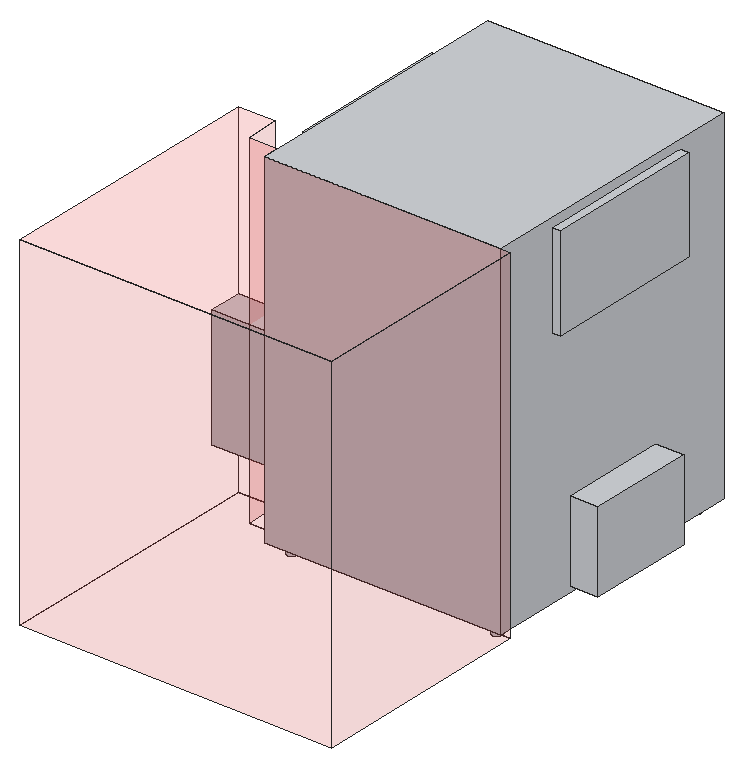
Revit family
Parameters (values of type "230 V Single Phase")
  Weight Scheduled [instance] = 399  # constant formula
  Voltage Workaround = Voltage / 1 V  # 230
  Voltage Scheduled = Voltage  # 230 V
  Voltage = 230 V
  VoltAmps Workaround [instance] = Voltage Workaround * Total FLA * sqrt(Phase)  # 0
  VoltAmps [instance] = VoltAmps Workaround * 1 VA  # 0 VA
  VFD [instance] = no
  URL = "http://www.renewaire.com/_assets/files/SubmittalForms/HE2XINVSubmittal.pdf"
  Total FLA [instance] = if(or(Supply Motor FLA = 0, Exhaust Motor FLA = 0), 0, (Supply Motor FLA * Supply Motor Count) + (Exhaust Motor FLA * Exhaust Motor Count))  # 0
  Supply Motor RPM Scheduled [instance] = Supply Motor RPM  # 0
  Supply Motor RPM [instance] = if(and(or(Supply ESP = 0, Supply ESP > 0), Supply ESP < 0.25), if(Supply Motor HP = 1.5, if(Supply CFM > 1975 CFM, 0, if(Supply CFM > 1735 CFM, 1302, 1146)), 0), if(and(or(Supply ESP = 0.25, Supply ESP > 0.25), Supply ESP < 0.5), if(Supply Motor HP = 1.5, if(Supply CFM > 1925 CFM, 0, if(Supply CFM > 1670 CFM, 1302, 1146)), 0), if(and(or(Supply ESP = 0.5, Supply ESP > 0.5), Supply ESP < 0.75), if(Supply Motor HP = 1.5, if(Supply CFM > 2100 CFM, 0, if(Supply CFM > 1835 CFM, 1458, if(Supply CFM > 1520 CFM, 1302, 1146))), if(Supply Motor HP = 2, if(Supply CFM > 2175 CFM, 0, 1503), 0)), if(and(or(Supply ESP = 0.75, Supply ESP > 0.75), Supply ESP < 1), if(Supply Motor HP = 1.5, if(Supply CFM > 1970 CFM, 0, if(Supply CFM > 1615 CFM, 1458, if(Supply CFM > 1205 CFM, 1302, 1146))), if(Supply Motor HP = 2, if(Supply CFM > 2100 CFM, 0, 1503), 0)), if(and(or(Supply ESP = 1, Supply ESP > 1), Supply ESP < 1.25), if(Supply Motor HP = 1.5, if(Supply CFM > 1755 CFM, 0, if(Supply CFM > 1340 CFM, 1458, if(Supply CFM > 900 CFM, 1302, 1146))), if(Supply Motor HP = 2, if(Supply CFM > 2120 CFM, 0, if(Supply CFM > 1945 CFM, 1581, 1503)), 0)), if(and(or(Supply ESP = 1.25, Supply ESP > 1.25), Supply ESP < 1.5), if(Supply Motor HP = 1.5, if(Supply CFM > 1495 CFM, 0, if(Supply CFM > 1080 CFM, 1458, 1302)), if(Supply Motor HP = 2, if(Supply CFM > 2125 CFM, 0, if(Supply CFM > 1920 CFM, 1658, if(Supply CFM > 1700 CFM, 1581, 1503))), 0)), if(Supply ESP = 1.5, if(Supply Motor HP = 1.5, if(Supply CFM > 1280 CFM, 0, if(Supply CFM > 670 CFM, 1458, 1302)), if(Supply Motor HP = 2, if(Supply CFM > 1900 CFM, 0, if(Supply CFM > 1685 CFM, 1658, if(Supply CFM > 1465 CFM, 1581, 1503))), 0)), 0)))))))  # 0
  Supply Motor HP Scheduled [instance] = Supply Motor HP  # 0
  Supply Motor HP [instance] = 0
  Supply Motor FLA [instance] = if(VFD, if(Supply Motor BHP = 0, 0, if(Supply Motor HP = 1.5, if(and(or(Voltage = 208 V, Voltage = 230 V), Phase = 1), 4.8, if(and(or(Voltage = 208 V, Voltage = 230 V), Phase = 3), 4.8, if(and(Voltage = 460 V, Phase = 3), 2.4, if(and(Voltage = 575 V, Phase = 3), 1.8, 0)))), if(Supply Motor HP = 2, if(and(or(Voltage = 208 V, Voltage = 230 V), Phase = 1), 6.1, if(and(or(Voltage = 208 V, Voltage = 230 V), Phase = 3), 6.1, if(and(Voltage = 460 V, Phase = 3), 2.9, if(and(Voltage = 575 V, Phase = 3), 2.4, 0)))), 0))), if(Supply Motor BHP = 0, 0, if(Supply Motor HP = 1.5, if(and(Voltage = 115 V, Phase = 1), 15.2, if(and(or(Voltage = 208 V, Voltage = 230 V), Phase = 1), 8.2, if(and(or(Voltage = 208 V, Voltage = 230 V), Phase = 3), 4.6, if(and(Voltage = 460 V, Phase = 3), 2.4, if(and(Voltage = 575 V, Phase = 3), 1.8, 0))))), if(Supply Motor HP = 2, if(and(Voltage = 115 V, Phase = 1), 20, if(and(or(Voltage = 208 V, Voltage = 230 V), Phase = 1), 10.8, if(and(or(Voltage = 208 V, Voltage = 230 V), Phase = 3), 6.1, if(and(Voltage = 460 V, Phase = 3), 2.9, if(and(Voltage = 575 V, Phase = 3), 2.4, 0))))), 0))))  # 0
  Supply Motor Count Scheduled [instance] = Supply Motor Count  # 1
  Supply Motor Count [instance] = if(Supply Motor HP = 0.75, 2, 1)  # 1
  Supply Motor BHP [instance] = if(and(or(Supply ESP = 0, Supply ESP > 0), Supply ESP < 0.25), if(Supply Motor HP = 1.5, if(Supply CFM > 1975 CFM, 0, if(Supply CFM > 1735 CFM, 1.1, 0.8)), 0), if(and(or(Supply ESP = 0.25, Supply ESP > 0.25), Supply ESP < 0.5), if(Supply Motor HP = 1.5, if(Supply CFM > 1925 CFM, 0, if(Supply CFM > 1670 CFM, 1, 0.7)), 0), if(and(or(Supply ESP = 0.5, Supply ESP > 0.5), Supply ESP < 0.75), if(Supply Motor HP = 1.5, if(Supply CFM > 2100 CFM, 0, if(Supply CFM > 1835 CFM, 1.5, if(Supply CFM > 1520 CFM, 1, 0.7))), if(Supply Motor HP = 2, if(Supply CFM > 2175 CFM, 0, 1.7), 0)), if(and(or(Supply ESP = 0.75, Supply ESP > 0.75), Supply ESP < 1), if(Supply Motor HP = 1.5, if(Supply CFM > 1970 CFM, 0, if(Supply CFM > 1615 CFM, 1.4, if(Supply CFM > 1205 CFM, 0.9, 0.5))), if(Supply Motor HP = 2, if(Supply CFM > 2100 CFM, 0, 1.6), 0)), if(and(or(Supply ESP = 1, Supply ESP > 1), Supply ESP < 1.25), if(Supply Motor HP = 1.5, if(Supply CFM > 1755 CFM, 0, if(Supply CFM > 1340 CFM, 1.3, if(Supply CFM > 900 CFM, 0.8, 0.4))), if(Supply Motor HP = 2, if(Supply CFM > 2120 CFM, 0, if(Supply CFM > 1945 CFM, 1.7, 1.4)), 0)), if(and(or(Supply ESP = 1.25, Supply ESP > 1.25), Supply ESP < 1.5), if(Supply Motor HP = 1.5, if(Supply CFM > 1495 CFM, 0, if(Supply CFM > 1080 CFM, 1.1, 0.6)), if(Supply Motor HP = 2, if(Supply CFM > 2125 CFM, 0, if(Supply CFM > 1920 CFM, 1.9, if(Supply CFM > 1700 CFM, 1.5, 1.2))), 0)), if(Supply ESP = 1.5, if(Supply Motor HP = 1.5, if(Supply CFM > 1280 CFM, 0, if(Supply CFM > 670 CFM, 0.9, 0.4)), if(Supply Motor HP = 2, if(Supply CFM > 1900 CFM, 0, if(Supply CFM > 1685 CFM, 1.6, if(Supply CFM > 1465 CFM, 1.2, 1))), 0)), 0)))))))  # 0
  Supply ESP Scheduled [instance] = Supply ESP  # 0
  Supply ESP [instance] = 0
  Supply CFM Scheduled [instance] = Supply CFM  # 0 CFM
  Supply CFM [instance] = 0 CFM
  Supply Air Winter RH Scheduled [instance] = 0
  Supply Air Winter DB Scheduled [instance] = 0
  Supply Air Summer RH Scheduled [instance] = 0
  Supply Air Summer DB Scheduled [instance] = 0
  Phase Scheduled = Phase  # 1
  Phase = 1
  Outside Air Winter RH Scheduled [instance] = 0
  Outside Air Winter DB Scheduled [instance] = 0
  Outside Air Summer RH Scheduled [instance] = 0
  Outside Air Summer DB Scheduled [instance] = 0
  Number of Poles = 2
  Model = "HE2XINV"
  Manufacturer = "RenewAire"
  MOCP Scheduled [instance] = MOCP  # 0
  MOCP [instance] = if(VFD, if(Total FLA = 0, 0, if(and(or(Voltage = 208 V, Voltage = 230 V), Phase = 1), if(and(Supply Motor HP = 1.5, Exhaust Motor HP = 1.5), 25, if(and(Supply Motor HP = 2, Exhaust Motor HP = 1.5), 20, if(and(Supply Motor HP = 1.5, Exhaust Motor HP = 2), 20, if(and(Supply Motor HP = 2, Exhaust Motor HP = 2), 30, 0)))), if(and(or(Voltage = 208 V, Voltage = 230 V), Phase = 3), if(and(Supply Motor HP = 1.5, Exhaust Motor HP = 1.5), 15, if(and(Supply Motor HP = 2, Exhaust Motor HP = 1.5), 15, if(and(Supply Motor HP = 1.5, Exhaust Motor HP = 2), 15, if(and(Supply Motor HP = 2, Exhaust Motor HP = 2), 15, 0)))), if(and(Voltage = 460 V, Phase = 3), if(and(Supply Motor HP = 1.5, Exhaust Motor HP = 1.5), 15, if(and(Supply Motor HP = 2, Exhaust Motor HP = 1.5), 15, if(and(Supply Motor HP = 1.5, Exhaust Motor HP = 2), 15, if(and(Supply Motor HP = 2, Exhaust Motor HP = 2), 15, 0)))), if(and(Voltage = 575 V, Phase = 3), if(and(Supply Motor HP = 1.5, Exhaust Motor HP = 1.5), 15, if(and(Supply Motor HP = 2, Exhaust Motor HP = 1.5), 15, if(and(Supply Motor HP = 1.5, Exhaust Motor HP = 2), 15, if(and(Supply Motor HP = 2, Exhaust Motor HP = 2), 15, 0)))), 0))))), if(Total FLA = 0, 0, if(and(Voltage = 115 V, Phase = 1), if(and(Supply Motor HP = 1.5, Exhaust Motor HP = 1.5), 45, if(and(Supply Motor HP = 2, Exhaust Motor HP = 1.5), 60, if(and(Supply Motor HP = 1.5, Exhaust Motor HP = 2), 60, if(and(Supply Motor HP = 2, Exhaust Motor HP = 2), 60, 0)))), if(and(or(Voltage = 208 V, Voltage = 230 V), Phase = 1), if(and(Supply Motor HP = 1.5, Exhaust Motor HP = 1.5), 25, if(and(Supply Motor HP = 2, Exhaust Motor HP = 1.5), 30, if(and(Supply Motor HP = 1.5, Exhaust Motor HP = 2), 30, if(and(Supply Motor HP = 2, Exhaust Motor HP = 2), 35, 0)))), if(and(or(Voltage = 208 V, Voltage = 230 V), Phase = 3), if(and(Supply Motor HP = 1.5, Exhaust Motor HP = 1.5), 15, if(and(Supply Motor HP = 2, Exhaust Motor HP = 1.5), 15, if(and(Supply Motor HP = 1.5, Exhaust Motor HP = 2), 15, if(and(Supply Motor HP = 2, Exhaust Motor HP = 2), 15, 0)))), if(and(Voltage = 460 V, Phase = 3), if(and(Supply Motor HP = 1.5, Exhaust Motor HP = 1.5), 15, if(and(Supply Motor HP = 2, Exhaust Motor HP = 1.5), 15, if(and(Supply Motor HP = 1.5, Exhaust Motor HP = 2), 15, if(and(Supply Motor HP = 2, Exhaust Motor HP = 2), 15, 0)))), if(and(Voltage = 575 V, Phase = 3), if(and(Supply Motor HP = 1.5, Exhaust Motor HP = 1.5), 15, if(and(Supply Motor HP = 2, Exhaust Motor HP = 1.5), 15, if(and(Supply Motor HP = 1.5, Exhaust Motor HP = 2), 15, if(and(Supply Motor HP = 2, Exhaust Motor HP = 2), 15, 0)))), 0)))))))  # 0
  MCA Scheduled [instance] = MCA  # 0
  MCA [instance] = if(VFD, if(Total FLA = 0, 0, if(and(or(Voltage = 208 V, Voltage = 230 V), Phase = 1), if(and(Supply Motor HP = 1.5, Exhaust Motor HP = 1.5), 20.6, if(and(Supply Motor HP = 2, Exhaust Motor HP = 1.5), 23.6, if(and(Supply Motor HP = 1.5, Exhaust Motor HP = 2), 23.6, if(and(Supply Motor HP = 2, Exhaust Motor HP = 2), 26, 0)))), if(and(or(Voltage = 208 V, Voltage = 230 V), Phase = 3), if(and(Supply Motor HP = 1.5, Exhaust Motor HP = 1.5), 11.9, if(and(Supply Motor HP = 2, Exhaust Motor HP = 1.5), 13.6, if(and(Supply Motor HP = 1.5, Exhaust Motor HP = 2), 13.6, if(and(Supply Motor HP = 2, Exhaust Motor HP = 2), 15, 0)))), if(and(Voltage = 460 V, Phase = 3), if(and(Supply Motor HP = 1.5, Exhaust Motor HP = 1.5), 5.9, if(and(Supply Motor HP = 2, Exhaust Motor HP = 1.5), 6.6, if(and(Supply Motor HP = 1.5, Exhaust Motor HP = 2), 6.6, if(and(Supply Motor HP = 2, Exhaust Motor HP = 2), 7.2, 0)))), if(and(Voltage = 575 V, Phase = 3), if(and(Supply Motor HP = 1.5, Exhaust Motor HP = 1.5), 4.5, if(and(Supply Motor HP = 2, Exhaust Motor HP = 1.5), 5.3, if(and(Supply Motor HP = 1.5, Exhaust Motor HP = 2), 5.3, if(and(Supply Motor HP = 2, Exhaust Motor HP = 2), 5.9, 0)))), 0))))), if(Total FLA = 0, 0, if(and(Voltage = 115 V, Phase = 1), if(and(Supply Motor HP = 1.5, Exhaust Motor HP = 1.5), 34.2, if(and(Supply Motor HP = 2, Exhaust Motor HP = 1.5), 40.2, if(and(Supply Motor HP = 1.5, Exhaust Motor HP = 2), 40.2, if(and(Supply Motor HP = 2, Exhaust Motor HP = 2), 45, 0)))), if(and(or(Voltage = 208 V, Voltage = 230 V), Phase = 1), if(and(Supply Motor HP = 1.5, Exhaust Motor HP = 1.5), 18.5, if(and(Supply Motor HP = 2, Exhaust Motor HP = 1.5), 21.7, if(and(Supply Motor HP = 1.5, Exhaust Motor HP = 2), 21.7, if(and(Supply Motor HP = 2, Exhaust Motor HP = 2), 24.3, 0)))), if(and(or(Voltage = 208 V, Voltage = 230 V), Phase = 3), if(and(Supply Motor HP = 1.5, Exhaust Motor HP = 1.5), 11.9, if(and(Supply Motor HP = 2, Exhaust Motor HP = 1.5), 13.6, if(and(Supply Motor HP = 1.5, Exhaust Motor HP = 2), 13.6, if(and(Supply Motor HP = 2, Exhaust Motor HP = 2), 13.6, 0)))), if(and(Voltage = 460 V, Phase = 3), if(and(Supply Motor HP = 1.5, Exhaust Motor HP = 1.5), 5.4, if(and(Supply Motor HP = 2, Exhaust Motor HP = 1.5), 6, if(and(Supply Motor HP = 1.5, Exhaust Motor HP = 2), 6, if(and(Supply Motor HP = 2, Exhaust Motor HP = 2), 6.5, 0)))), if(and(Voltage = 575 V, Phase = 3), if(and(Supply Motor HP = 1.5, Exhaust Motor HP = 1.5), 4.1, if(and(Supply Motor HP = 2, Exhaust Motor HP = 1.5), 4.8, if(and(Supply Motor HP = 1.5, Exhaust Motor HP = 2), 4.8, if(and(Supply Motor HP = 2, Exhaust Motor HP = 2), 5.4, 0)))), 0)))))))  # 0
  FLA Scheduled [instance] = Total FLA  # 0
  Exhaust RH Scheduled [instance] = 0
  Exhaust Motor RPM Scheduled [instance] = Exhaust Motor RPM  # 0
  Exhaust Motor RPM [instance] = if(and(or(Exhaust ESP = 0, Exhaust ESP > 0), Exhaust ESP < 0.25), if(Exhaust Motor HP = 1.5, if(Exhaust CFM > 1975 CFM, 0, if(Exhaust CFM > 1735 CFM, 1302, 1146)), 0), if(and(or(Exhaust ESP = 0.25, Exhaust ESP > 0.25), Exhaust ESP < 0.5), if(Exhaust Motor HP = 1.5, if(Exhaust CFM > 1925 CFM, 0, if(Exhaust CFM > 1670 CFM, 1302, 1146)), 0), if(and(or(Exhaust ESP = 0.5, Exhaust ESP > 0.5), Exhaust ESP < 0.75), if(Exhaust Motor HP = 1.5, if(Exhaust CFM > 2100 CFM, 0, if(Exhaust CFM > 1835 CFM, 1458, if(Exhaust CFM > 1520 CFM, 1302, 1146))), if(Exhaust Motor HP = 2, if(Exhaust CFM > 2175 CFM, 0, 1503), 0)), if(and(or(Exhaust ESP = 0.75, Exhaust ESP > 0.75), Exhaust ESP < 1), if(Exhaust Motor HP = 1.5, if(Exhaust CFM > 1970 CFM, 0, if(Exhaust CFM > 1615 CFM, 1458, if(Exhaust CFM > 1205 CFM, 1302, 1146))), if(Exhaust Motor HP = 2, if(Exhaust CFM > 2100 CFM, 0, 1503), 0)), if(and(or(Exhaust ESP = 1, Exhaust ESP > 1), Exhaust ESP < 1.25), if(Exhaust Motor HP = 1.5, if(Exhaust CFM > 1755 CFM, 0, if(Exhaust CFM > 1340 CFM, 1458, if(Exhaust CFM > 900 CFM, 1302, 1146))), if(Exhaust Motor HP = 2, if(Exhaust CFM > 2120 CFM, 0, if(Exhaust CFM > 1945 CFM, 1581, 1503)), 0)), if(and(or(Exhaust ESP = 1.25, Exhaust ESP > 1.25), Exhaust ESP < 1.5), if(Exhaust Motor HP = 1.5, if(Exhaust CFM > 1495 CFM, 0, if(Exhaust CFM > 1080 CFM, 1458, 1302)), if(Exhaust Motor HP = 2, if(Exhaust CFM > 2125 CFM, 0, if(Exhaust CFM > 1920 CFM, 1658, if(Exhaust CFM > 1700 CFM, 1581, 1503))), 0)), if(Exhaust ESP = 1.5, if(Exhaust Motor HP = 1.5, if(Exhaust CFM > 1280 CFM, 0, if(Exhaust CFM > 670 CFM, 1458, 1302)), if(Exhaust Motor HP = 2, if(Exhaust CFM > 1900 CFM, 0, if(Exhaust CFM > 1685 CFM, 1658, if(Exhaust CFM > 1465 CFM, 1581, 1503))), 0)), 0)))))))  # 0
  Exhaust Motor HP Scheduled [instance] = Exhaust Motor HP  # 0
  Exhaust Motor HP [instance] = 0
  Exhaust Motor FLA [instance] = if(VFD, if(Exhaust Motor BHP = 0, 0, if(Exhaust Motor HP = 1.5, if(and(or(Voltage = 208 V, Voltage = 230 V), Phase = 1), 4.8, if(and(or(Voltage = 208 V, Voltage = 230 V), Phase = 3), 4.8, if(and(Voltage = 460 V, Phase = 3), 2.4, if(and(Voltage = 575 V, Phase = 3), 1.8, 0)))), if(Exhaust Motor HP = 2, if(and(or(Voltage = 208 V, Voltage = 230 V), Phase = 1), 6.1, if(and(or(Voltage = 208 V, Voltage = 230 V), Phase = 3), 6.1, if(and(Voltage = 460 V, Phase = 3), 2.9, if(and(Voltage = 575 V, Phase = 3), 2.4, 0)))), 0))), if(Exhaust Motor BHP = 0, 0, if(Exhaust Motor HP = 1.5, if(and(Voltage = 115 V, Phase = 1), 15.2, if(and(or(Voltage = 208 V, Voltage = 230 V), Phase = 1), 8.2, if(and(or(Voltage = 208 V, Voltage = 230 V), Phase = 3), 4.6, if(and(Voltage = 460 V, Phase = 3), 2.4, if(and(Voltage = 575 V, Phase = 3), 1.8, 0))))), if(Exhaust Motor HP = 2, if(and(Voltage = 115 V, Phase = 1), 20, if(and(or(Voltage = 208 V, Voltage = 230 V), Phase = 1), 10.8, if(and(or(Voltage = 208 V, Voltage = 230 V), Phase = 3), 6.1, if(and(Voltage = 460 V, Phase = 3), 2.9, if(and(Voltage = 575 V, Phase = 3), 2.4, 0))))), 0))))  # 0
  Exhaust Motor Count Scheduled [instance] = Exhaust Motor Count  # 1
  Exhaust Motor Count [instance] = if(Exhaust Motor HP = 0.75, 2, 1)  # 1
  Exhaust Motor BHP [instance] = if(and(or(Exhaust ESP = 0, Exhaust ESP > 0), Exhaust ESP < 0.25), if(Exhaust Motor HP = 1.5, if(Exhaust CFM > 1975 CFM, 0, if(Exhaust CFM > 1735 CFM, 1.1, 0.8)), 0), if(and(or(Exhaust ESP = 0.25, Exhaust ESP > 0.25), Exhaust ESP < 0.5), if(Exhaust Motor HP = 1.5, if(Exhaust CFM > 1925 CFM, 0, if(Exhaust CFM > 1670 CFM, 1, 0.7)), 0), if(and(or(Exhaust ESP = 0.5, Exhaust ESP > 0.5), Exhaust ESP < 0.75), if(Exhaust Motor HP = 1.5, if(Exhaust CFM > 2100 CFM, 0, if(Exhaust CFM > 1835 CFM, 1.5, if(Exhaust CFM > 1520 CFM, 1, 0.7))), if(Exhaust Motor HP = 2, if(Exhaust CFM > 2175 CFM, 0, 1.7), 0)), if(and(or(Exhaust ESP = 0.75, Exhaust ESP > 0.75), Exhaust ESP < 1), if(Exhaust Motor HP = 1.5, if(Exhaust CFM > 1970 CFM, 0, if(Exhaust CFM > 1615 CFM, 1.4, if(Exhaust CFM > 1205 CFM, 0.9, 0.5))), if(Exhaust Motor HP = 2, if(Exhaust CFM > 2100 CFM, 0, 1.6), 0)), if(and(or(Exhaust ESP = 1, Exhaust ESP > 1), Exhaust ESP < 1.25), if(Exhaust Motor HP = 1.5, if(Exhaust CFM > 1755 CFM, 0, if(Exhaust CFM > 1340 CFM, 1.3, if(Exhaust CFM > 900 CFM, 0.8, 0.4))), if(Exhaust Motor HP = 2, if(Exhaust CFM > 2120 CFM, 0, if(Exhaust CFM > 1945 CFM, 1.7, 1.4)), 0)), if(and(or(Exhaust ESP = 1.25, Exhaust ESP > 1.25), Exhaust ESP < 1.5), if(Exhaust Motor HP = 1.5, if(Exhaust CFM > 1495 CFM, 0, if(Exhaust CFM > 1080 CFM, 1.1, 0.6)), if(Exhaust Motor HP = 2, if(Exhaust CFM > 2125 CFM, 0, if(Exhaust CFM > 1920 CFM, 1.9, if(Exhaust CFM > 1700 CFM, 1.5, 1.2))), 0)), if(Exhaust ESP = 1.5, if(Exhaust Motor HP = 1.5, if(Exhaust CFM > 1280 CFM, 0, if(Exhaust CFM > 670 CFM, 0.9, 0.4)), if(Exhaust Motor HP = 2, if(Exhaust CFM > 1900 CFM, 0, if(Exhaust CFM > 1685 CFM, 1.6, if(Exhaust CFM > 1465 CFM, 1.2, 1))), 0)), 0)))))))  # 0
  Exhaust ESP Scheduled [instance] = Exhaust ESP  # 0
  Exhaust ESP [instance] = 0
  Exhaust DB Scheduled [instance] = 0
  Exhaust CFM Scheduled [instance] = Exhaust CFM  # 0 CFM
  Exhaust CFM [instance] = 0 CFM
  Enthalpy Effect Winter Scheduled [instance] = 0
  Enthalpy Effect Summer Scheduled [instance] = 0
Types (9): name | Voltage Workaround | Voltage Scheduled | Voltage | VFD | Phase Scheduled | Phase | Number of Poles
  (no name) | 230 | 230 V | 230 V | no | 1 | 1 | 2
  115 V Single Phase | 115 | 115 V | 115 V | yes | 1 | 1 | 1
  208 V Single Phase | 208 | 208 V | 208 V | yes | 1 | 1 | 2
  277 V Single Phase | 277 | 277 V | 277 V | yes | 1 | 1 | 1
  208 V Three Phase | 208 | 208 V | 208 V | yes | 3 | 3 | 3
  460 V Three Phase | 460 | 460 V | 460 V | yes | 3 | 3 | 3
  575 V Three Phase | 460 | 460 V | 460 V | yes | 3 | 3 | 3
  230 V Single Phase | 230 | 230 V | 230 V | no | 1 | 1 | 2
  230 V Three Phase | 230 | 230 V | 230 V | yes | 3 | 3 | 3
Reference planes (in)
  plane 1 "Center (Front/Back)": y = 0
  plane 2: z = 0
  plane 3 "Center (Left/Right)": x = 0
Forms (in)
  Extrusion 1, solid
    sketch origin (0, 0, 0) x (1, 0, 0) y (0, 1, 0)
      loop
        line (-17.625, 20.75) -> (-17.625, -20.75) -> (17.625, -20.75) -> (17.625, 20.75) -> (-17.625, 20.75)
    from 1.5 to 53.125
  Extrusion 2, solid
    sketch origin (0, 0, 0) x (1, 0, 0) y (0, 1, 0)
      loop
        circle (-15.2767, 18.5974) r 0.75
      loop
        circle (15.2767, 18.5974) r 0.75
      loop
        circle (-15.2767, -18.5974) r 0.75
      loop
        circle (15.2767, -18.5974) r 0.75
    from 0 to 52.125
  Extrusion 3, solid
    sketch origin (0, 0, 0) x (1, 0, 0) y (0, 1, 0)
      loop
        line (-27.5, -18.375) -> (-17.625, -18.375) -> (-17.625, -13.375) -> (-27.5, -13.375) -> (-27.5, -18.375)
    from 10.125 to 28.11364
  Extrusion 4, solid
    sketch origin (17.625, 14.11425, 0) x (0, -1, 0) y (0, 0, -1)
      loop
        line (25.48925, -51.875) -> (25.48925, -37.875) -> (1.48925, -37.875) -> (1.48925, -51.875) -> (25.48925, -51.875)
    from 0 to 1.375
  Extrusion 5, solid
    sketch origin (17.625, 14.11425, -23) x (0, -1, 0) y (0, 0, -1)
      loop
        line (22.11425, -37.5) -> (22.11425, -25.5) -> (6.11425, -25.5) -> (6.11425, -37.5) -> (22.11425, -37.5)
    from 0 to 4.25
  Extrusion 6, solid
    sketch origin (-17.625, 14.11425, 0) x (0, -1, 0) y (0, 0, 1)
      loop
        line (26.11425, 52.125) -> (2.11425, 52.125) -> (2.11425, 38.125) -> (26.11425, 38.125) -> (26.11425, 52.125)
    from 0 to 1.375
  Extrusion 7, solid
    sketch origin (-17.625, 14.11425, -23) x (0, -1, 0) y (0, 0, 1)
      loop
        line (22.11425, 37.5) -> (6.11425, 37.5) -> (6.11425, 25.5) -> (22.11425, 25.5) -> (22.11425, 37.5)
    from 0 to 4.25
  Extrusion 8, solid
    sketch origin (0, 0, 0) x (1, 0, 0) y (0, 1, 0)
      loop
        line (19, -20.75) -> (-17.625, -20.75) -> (-17.625, -18.375) -> (-21.875, -18.375) -> (-21.875, -13.375) -> (-27.5, -13.375) -> (-27.5, -54.125) -> (19, -54.125) -> (19, -20.75)
    from 1.5 to 53.125
Cuts and joins
  joined: Extrusion 1, Extrusion 2, Extrusion 3, Extrusion 4, Extrusion 5, Extrusion 6, Extrusion 7
Dimensions and locks (in)
  equal spacing: Extrusion 1 sketch curve, plane 3 "Center (Left/Right)", Extrusion 1 sketch curve
  equal spacing: Extrusion 1 sketch curve, plane 1 "Center (Front/Back)", Extrusion 1 sketch curve
  Extrusion 1 sketch curve to plane 3 "Center (Left/Right)" = 1' - 5 5/8"
  plane 1 "Center (Front/Back)" to Extrusion 1 sketch curve = 1' - 8 3/4"
  Extrusion 4 sketch curve to Extrusion 4 sketch curve = 2' - 0"
  Extrusion 4 sketch curve to Extrusion 4 sketch curve = 1' - 2"
  Extrusion 4 sketch curve to Extrusion 2 = 3' - 1 7/8"
  Extrusion 6 sketch curve to Extrusion 6 sketch curve = 2' - 0"
  Extrusion 6 sketch curve to Extrusion 6 sketch curve = 1' - 2"
  Extrusion 8 sketch curve to Extrusion 8 sketch curve = 3' - 10 1/2"
  Extrusion 6 sketch curve to level = 3' - 2 1/8"
  cut or joined group of Extrusion 1, Extrusion 2, Extrusion 3, Extrusion 4, Extrusion 5, Extrusion 6, Extrusion 7 to Extrusion 6 sketch curve = 0' - 8 3/4"
  cut or joined group of Extrusion 1, Extrusion 2, Extrusion 3, Extrusion 4, Extrusion 5, Extrusion 6, Extrusion 7 to Extrusion 4 sketch curve = 0' - 8 1/8"
  cut or joined group of Extrusion 1, Extrusion 2, Extrusion 3, Extrusion 4, Extrusion 5, Extrusion 6, Extrusion 7 to Extrusion 7 sketch curve = 1' - 0 3/4"
  Extrusion 7 sketch curve to Extrusion 7 sketch curve = 1' - 4"
  Extrusion 5 sketch curve to Extrusion 5 sketch curve = 1' - 4"
  cut or joined group of Extrusion 1, Extrusion 2, Extrusion 3, Extrusion 4, Extrusion 5, Extrusion 6, Extrusion 7 to Extrusion 5 sketch curve = 1' - 0 3/4"
  Extrusion 8 to Extrusion 8 = 3' - 10 1/2"
Connectors (in)
  hvac at (19, 0.625, 44.875), driven by "Supply CFM"
    settings: on Extrusion 4, index 1, duct flow 0 CFM, flow factor 0, pres drop 0.00 in-wg, loss coef 0, conn angle 0.00°, conn width 24", conn height 14", conn radius 12", duct sys type 1, conn prof type 1, flow config 1, flow direction 1, loss method 0, conn ref index -1, conn util no, is conn primary yes, conn desc ""
  hvac at (21.875, 0, 8.5), driven by "Exhaust CFM"
    settings: on Extrusion 5, index 2, duct flow 0 CFM, flow factor 0, pres drop 0.00 in-wg, loss coef 0, conn angle 0.00°, conn width 16", conn height 12", conn radius 12", duct sys type 3, conn prof type 1, flow config 1, flow direction 2, loss method 0, conn ref index -1, conn util no, is conn primary no, conn desc ""
  hvac at (-19, 0, 45.125), driven by "Exhaust CFM"
    settings: on Extrusion 6, index 3, duct flow 0 CFM, flow factor 0, pres drop 0.00 in-wg, loss coef 0, conn angle 0.00°, conn width 24", conn height 14", conn radius 12", duct sys type 2, conn prof type 1, flow config 0, flow direction 1, loss method 0, conn ref index -1, conn util no, is conn primary no, conn desc ""
  hvac at (-21.875, 0, 8.5), driven by "Supply CFM"
    settings: on Extrusion 7, index 4, duct flow 0 CFM, flow factor 0, pres drop 0.00 in-wg, loss coef 0, conn angle 0.00°, conn width 16", conn height 12", conn radius 12", duct sys type 1, conn prof type 1, flow config 0, flow direction 2, loss method 0, conn ref index -1, conn util no, is conn primary no, conn desc ""
  electrical at (-22.5625, -18.375, 19.11932), driven by "VoltAmps", driven by "Voltage", driven by "Number of Poles"
    settings: on Extrusion 3, index 5, voltage 230 V, apparent load 0 VA, apparent load phase1 0 VA, apparent load phase2 0 VA, apparent load phase3 0 VA, power factor 1, load classification "HVAC", number of poles 2, system type 30, power factor state 1, is connector primary yes, connector utility no, sub classification motor no, connector description ""
